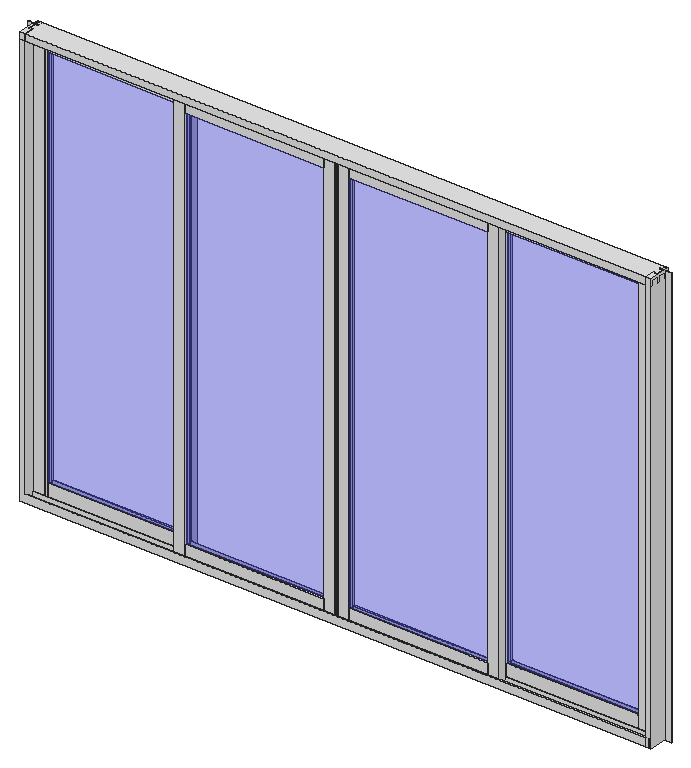
Revit family "Standard-Nail-On-OXXO-Sliding-Door-with-Water-Leg-Sill-and-Standard-Hardware", category Doors, host Wall, Revit 2026
Family settings
  Host = Wall
  Classification Number = 23.30.10.14.11
  Always vertical = Yes
  Cut with Voids When Loaded = No
  Shared = No
  Room Calculation Point = No
Parameters (values of type "4 Panel Sliding Door - OXXO")
  Wall Thickness [instance] = 0' - 6"
  URL = "https://www.allweatheraa.com/"
  Type Comments = "Multi-Panel Sliding Door"  # constant formula
  CD_Width Water Sill Cover = CD_Width Panel - 0' 2 135/256"  # 2' - 10.55176"
  CD_Width Panel = ((CD_Width Opening + (0' 2 39/64" * (CD_Number of Panels - 1))) / CD_Number of Panels) - 0' 0 7/64" - 0' 0 149/256"  # 3' - 1.0791"
  CD_Width Opening = CD_Width - 0' 0 191/256"  # 11' - 11 65/256"
  CD_Width Min Panel = 2' - 8"  # constant formula
  CD_Width Min = (4 * CD_Width Min Panel) + 0' 0 3/4"  # 10' - 8 3/4"
  CD_Width Max Panel = 8' - 0"  # constant formula
  CD_Width Max = (4 * CD_Width Max Panel) + 0' 0 3/4"  # 32' - 0 3/4"
  CD_Width = if(CD_Requested Width > CD_Width Max, CD_Width Max, if(CD_Requested Width < CD_Width Min, CD_Width Min, CD_Requested Width))  # 12' - 0"
  CD_Warranty = "https://www.allweatheraa.com/warranties/"
  CD_Thickness = 0' - 4"  # constant formula
  CD_Specification = "http://allweatheraa.com/specs-cad-bim/"
  CD_Sill Height = 0' - 1 7/8"  # constant formula
  CD_Product Page URL = "https://www.allweatheraa.com/product-series-8150/"
  CD_Product Name = "Series 8150"  # constant formula
  CD_Product Documentation Link = "https://www.allweatheraa.com/architectural-manual/"
  CD_Microsite = "https://microsite.caddetails.com/4461/"
  CD_Jamb Width Right = 0' - 1 1/8"  # constant formula
  CD_Jamb Width Left = 0' - 1 1/8"  # constant formula
  CD_Jamb Extensions Depth [instance] = if(CD_Jamb Extensions Calc > 0' 0 1/8", CD_Jamb Extensions Calc, 0' 0 1/8")  # 0' - 2"
  CD_Jamb Extensions Calc [instance] = Wall Thickness - (CD_Thickness) + CD_Offset - CD_Inset  # 0' - 2"
  CD_Finish Jamb Ext = Wood-By_Others
  Thickness = CD_Thickness  # 0' - 4"
  Rough Width = CD_Width + 0' 1"  # 12' - 1"
  Rough Height = CD_Height + 0' 0 1/2"  # 8' - 0 1/2"
  Operation = "Sliding"
  Model = "OXXO Water Leg Sill"  # constant formula
  Manufacturer = "All Weather Architectural Aluminum"  # constant formula
  Interior Trim = no
  Function = Exterior
  Frame Projection Ext. = 0' - 1"
  Frame Projection Int. = 0' - 1"
  Frame Width = 0' - 3"
  Height = CD_Height  # 8' - 0"
  Wall Closure = By host
  Width = CD_Width  # 12' - 0"
  CD_Height Panel = CD_Height - 0' 0 47/128" - 0' 1 1/16" - 0' 0 51/128"  # 7' - 10 11/64"
  CD_Height Min Panel = 3' - 10"  # constant formula
  CD_Height Max Panel = 12' - 0"  # constant formula
  CD_Height = if(CD_Requested Height > CD_Height Max Panel + 0' 1 1/4", CD_Height Max Panel + 0' 1 1/4", if(CD_Requested Height < CD_Height Min Panel + 0' 1 1/4", CD_Height Min Panel + 0' 1 1/4", CD_Requested Height))  # 8' - 0"
  CD_Head Height = 0' - 1 73/128"  # constant formula
  CD_Finish Interior Trim = Metal-Aluminum-All_Weather-Standard-White
  CD_Finish Exterior Trim = Wood-By_Others
  Exterior Trim = no
  Description = "Thermally Broken Stacking Door"  # constant formula
  Center Panel Location = (CD_Width Panel / 2) - 0' 1 5/16"  # 1' - 5.22705"
  CD_Requested Width = 12' - 0"
  CD_Requested Height = 8' - 0"
  CD_Offset = 0' - 0"
  CD_Number of Panels = 4  # constant formula
  CD_Jamb Extension = no
  CD_Inset = 0' - 0"
  CD_Finish Glass = Glass-All_Weather-OA-Insulated_Glass
  CD_Finish = Metal-Aluminum-All_Weather-Standard-White
  Assembly Code = "B2030110"
  Analytic Construction = "<None>"
Reference planes (in)
  plane 1 "Center (Front/Back)": y = 0
  plane 2 "Center (Left/Right)": x = 0
  plane 3 "Left": x = -72
  plane 4 "Right": x = 72
  plane 5 "Top": z = 96
  plane 6 "Exterior": y = 3
  plane 7 "Interior": y = -3
  plane 8 "Nail Fin": y = 3
  plane 9 "Inset": y = 3
  plane 10 "Front": y = 3
  plane 11 "Back": y = -1
  plane 12 "Bottom of Sill": z = 0
  plane 13 "Right Jamb": x = 70.875
  plane 14 "Left Jamb": x = -70.875
  plane 15 "Bottom of Header": z = 94.42969
  plane 16 "Top of Sill": z = 1.875
  plane 17 "Exterior Doors": y = 2
  plane 18 "Interior Doors": y = 0
  plane 19 "Door Sill Offset": z = 0.77734
Forms (in)
  Extrusion 1, solid, material "Wood-By_Others" <- "CD_Finish Exterior Trim", visible <- "Exterior Trim"
    sketch origin (-90, 3, 0) x (-1, 0, 0) y (0, 0, 1)
      loop
        line (-18, 95.63672) -> (-18, 0) -> (-15, 0) -> (-15, 98.63672) -> (-165, 98.63672) -> (-165, 0) -> (-162, 0) -> (-162, 95.63672) -> (-18, 95.63672)
    from 0 to 1
  Extrusion 2, solid, material "Metal-Aluminum-All_Weather-Standard-White" <- "CD_Finish Interior Trim", visible <- "Interior Trim"
    sketch origin (-90, -3, 0) x (1, 0, 0) y (0, 0, 1)
      loop
        line (18, 0) -> (18, 95.63672) -> (162, 95.63672) -> (162, 0) -> (165, 0) -> (165, 98.63672) -> (15, 98.63672) -> (15, 0) -> (18, 0)
    from 0 to 1
  Sweep 3, solid, material "Metal-Aluminum-All_Weather-Standard-White" <- "CD_Finish", detail levels fine
    path origin (0, -1, 0) x (-1, 0, 0) y (0, 0, 1)
      loop
        line (72, 0) -> (72, 96)
    profile origin (-72, -1, 48) x (1, 0, 0) y (0, 1, 0)
      loop
        line (0, 0) -> (1.12385, 0) -> (1.12385, 2.168) -> (0.77985, 2.168) -> (0.77985, 2.043) -> (0.37385, 2.043) -> (0.37385, 3.946) -> (0.77985, 3.946) -> (0.77985, 3.856) -> (1.12385, 3.856) -> (1.12385, 4.016) -> (0.37385, 4.016) -> (0.37385, 4.884) -> (0.99885, 4.884) -> (0.99885, 4.954) -> (0, 4.954) -> (0, 4.5493) -> (0.07, 4.5493) -> (0.07, 4.884) -> (0.30385, 4.884) -> (0.30385, 4.024) -> (-1.5, 4.024) -> (-1.5, 3.954) -> (0, 3.954) -> (0, 0)
  Extrusion 4, solid, material "Wood-By_Others" <- "CD_Finish Jamb Ext", visible <- "CD_Jamb Extension"
    sketch origin (0, 0, 0) x (1, 0, 0) y (0, 0, 1)
      loop
        line (-72, 0) -> (-71.375, 0) -> (-71.375, 95.375) -> (71.375, 95.375) -> (71.375, 0) -> (72, 0) -> (72, 96) -> (-72, 96) -> (-72, 0)
    from 3 to 1
  Sweep 5, solid, material "Metal-Aluminum-All_Weather-Standard-White" <- "CD_Finish", detail levels fine
    path origin (0, 3, 0) x (-1, 0, 0) y (0, 0, 1)
      loop
        line (-72, 96) -> (72, 96)
    profile origin (0, 3, 96) x (0, 0, 1) y (0, 1, 0)
      loop
        line (0, 0.954) -> (-1.08885, 0.954) -> (-1.08885, 0.705) -> (-0.37385, 0.705) -> (-0.37385, 0.388) -> (-0.65885, 0.388) -> (-0.65885, 0.328) -> (-0.37385, 0.328) -> (-0.37385, 0.016) -> (-1.57, 0.016) -> (-1.57, -0.152) -> (-0.37385, -0.152) -> (-0.37385, -1.84) -> (-1.57, -1.84) -> (-1.57, -2.152) -> (-0.37385, -2.152) -> (-0.37385, -3.84) -> (-1.57, -3.84) -> (-1.57, -4) -> (0, -4) -> (0, 0.954)
  Sweep 6, solid, material "Metal-Aluminum-All_Weather-Standard-White" <- "CD_Finish", detail levels fine
    path origin (0, 3, 0) x (-1, 0, 0) y (0, 0, 1)
      loop
        line (-71.62615, 0) -> (71.62615, 0)
    profile origin (0, 3, 0) x (0, 0, 1) y (0, 1, 0)
      loop
        line (0, -4) -> (1.875, -4) -> (1.875, -3.84) -> (0.50898, -3.84) -> (0.50898, -2.83188) -> (0.46187, -2.152) -> (1.56253, -2.152) -> (1.56253, -1.832) -> (0.43969, -1.832) -> (0.32271, -0.144) -> (1.25003, -0.144) -> (1.25003, 0.016) -> (0.13, 0.016) -> (0.10974, 0.328) -> (0.3148, 0.328)
        arc (0.3148, 0.328) -> (0.4048, 0.358) -> (0.3148, 0.388) r 0.05
        line (0.3148, 0.388) -> (0.10584, 0.388) -> (0.07494, 0.864) -> (0, 0.864) -> (0, -4)
  Extrusion 7, solid, material "Metal-Aluminum-All_Weather-Standard-White" <- "CD_Finish", detail levels coarse+medium
    sketch origin (0, 3, 0) x (-1, 0, 0) y (0, 0, 1)
      loop
        line (-72, 96) -> (-72, 0) -> (72, 0) -> (72, 96) -> (-72, 96)
      loop
        line (70.875, 1.875) -> (70.875, 94.42969) -> (-70.875, 94.42969) -> (-70.875, 1.875) -> (70.875, 1.875)
    from 0 to -4
  Sweep 8, solid, material "Metal-Aluminum-All_Weather-Standard-White" <- "CD_Finish", detail levels fine
    path origin (0, -1, 0) x (1, 0, 0) y (0, 0, 1)
      loop
        line (72, 0) -> (72, 96)
    profile origin (72, -1, 48) x (1, 0, 0) y (0, 1, 0)
      loop
        line (0, 0) -> (0, 3.954) -> (1.5, 3.954) -> (1.5, 4.024) -> (-0.30385, 4.024) -> (-0.30385, 4.884) -> (-0.07, 4.884) -> (-0.07, 4.5493) -> (0, 4.5493) -> (0, 4.954) -> (-0.99885, 4.954) -> (-0.99885, 4.884) -> (-0.37385, 4.884) -> (-0.37385, 4.016) -> (-1.12385, 4.016) -> (-1.12385, 3.856) -> (-0.77985, 3.856) -> (-0.77985, 3.946) -> (-0.37385, 3.946) -> (-0.37385, 2.043) -> (-0.77985, 2.043) -> (-0.77985, 2.168) -> (-1.12385, 2.168) -> (-1.12385, 0) -> (0, 0)
  Extrusion 9, solid, material "Metal-Aluminum-All_Weather-Standard-White" <- "CD_Finish", detail levels fine
    sketch origin (0, 0, 0) x (0, 1, 0) y (0, 0, 1)
      loop
        line (2.856, 1.25003) -> (1.168, 1.56253) -> (1.168, 1.42893) -> (2.856, 1.11643) -> (2.856, 1.25003)
    from -34.55176 to 34.55176
Cuts and joins
  joined: Sweep 3, Sweep 6
Lines and regions (in)
  Opening 1
    outline origin (-90, -3, 0) x (1, 0, 0) y (0, 0, 1)
      loop
        line (18, 0) -> (162, 0) -> (162, 96) -> (18, 96) -> (18, 0)
  Masking region 1, visible <- "CD_Jamb Extension"
    outline origin (0, 0, 0) x (0, 1, 0) y (0, 0, 1)
      loop
        line (-1, 96) -> (-3, 96) -> (-3, 95.375) -> (-1, 95.375) -> (-1, 96)
  Masking region 2, visible <- "CD_Jamb Extension"
    outline origin (0, 0, 0) x (1, 0, 0) y (0, 1, 0)
      loop
        line (71.62615, -3) -> (71.62615, -1) -> (71.375, -1) -> (71.375, -3) -> (71.62615, -3)
      loop
        line (-71.62615, -3) -> (-71.375, -3) -> (-71.375, -1) -> (-71.62615, -1) -> (-71.62615, -3)
Text (in)
  text "Exterior" at (-74.96733, 27.31104, 0), in view "Ref. Level"
  text "Interior" at (-74.96733, -25.14366, 0), in view "Ref. Level"
  text "Exterior" at (0, 40.15149, 123.01588), in view "Right"
  text "Interior" at (0, -64.39139, 123.01588), in view "Right"
  text "Interior" at (0, -31.01599, 123.00693), in view "Left"
  text "Exterior" at (0, 54.57065, 123.00693), in view "Left"
Dimensions and locks (in)
  equal spacing: plane 3 "Left", plane 2 "Center (Left/Right)", plane 4 "Right"
  "Height": level to plane 5 "Top"
  "CD_Width": plane 3 "Left" to plane 4 "Right"
  "Frame Width": Extrusion 2 sketch curve to plane 3 "Left"
  "Frame Width": Extrusion 2 sketch curve to plane 4 "Right"
  "Frame Width": Extrusion 1 sketch curve to Extrusion 1 sketch curve  (x3)
  host wall to plane 5 "Top" = 8' - 0"
  "Frame Projection Int.": Extrusion 2 to host wall
  "Frame Projection Ext.": Extrusion 1 to host wall
  "CD_Offset": plane 8 "Nail Fin" to plane 9 "Inset"
  "CD_Inset": plane 6 "Exterior" to plane 9 "Inset"
  locked: plane 10 "Front" to plane 8 "Nail Fin" at 0
  "Thickness": plane 10 "Front" to plane 11 "Back"
  plane 12 "Bottom of Sill" to level = 0' - 0"
  locked: Extrusion 1 sketch curve to plane 5 "Top" at 0.36328
  locked: Extrusion 2 sketch curve to plane 5 "Top" at 0.36328
  "Frame Width": Extrusion 2 sketch curve to Extrusion 2 sketch curve
  plane 5 "Top" to level = 8' - 0"
  locked: Extrusion 4 sketch curve to Extrusion 2 at 0.625  (x2)
  locked: plane 5 "Top" to Extrusion 4 sketch curve at 0.625
  "Wall Thickness": host wall to host wall
  plane 3 "Left" to plane 4 "Right" = 12' - 0"
  "Thickness": plane 10 "Front" to Extrusion 7
  "CD_Jamb Extensions Depth": Masking region 1 sketch curve to plane 7 "Interior"
  locked: plane 5 "Top" to Masking region 1 sketch curve at 0.625
  locked: plane 3 "Left" to Masking region 2 sketch curve at 0.625
  locked: Masking region 2 sketch curve to plane 4 "Right" at 0.625
  "CD_Jamb Extensions Depth": plane 7 "Interior" to Masking region 2 sketch curve  (x2)
  locked: plane 2 "Center (Left/Right)" to nested 2 at 0.07732
  locked: nested 1 to plane 2 "Center (Left/Right)" at 0.08199
  Sweep 3 sketch curve to Sweep 3 sketch curve to Sweep 3 sketch curve to profile plane to Sweep 3 sketch curve to Sweep 3 sketch curve to Sweep 3 sketch curve to Sweep 3 sketch curve to Sweep 3 sketch curve to Sweep 3 sketch curve to Sweep 3 sketch curve to Sweep 3 sketch curve = 0' - 1 1/2" locked, 0' - 0" locked, 0' - 0" locked, 0' - 0.07" locked, 0' - 0.23385" locked, 0' - 0.07" locked, 0' - 0.406" locked, 0' - 0" locked, 0' - 0.219" locked, 0' - 0 1/8" locked, 0' - 0" locked
  Sweep 3 sketch curve to Sweep 3 sketch curve to Sweep 3 sketch curve to Sweep 3 sketch curve to Sweep 3 sketch curve to Sweep 3 sketch curve to Sweep 3 sketch curve to Sweep 3 sketch curve to Sweep 3 sketch curve to Sweep 3 sketch curve to Sweep 3 sketch curve to profile plane to Sweep 3 sketch curve = 0' - 0.07" locked, 0' - 0" locked, 0' - 0.3347" locked, 0' - 0.5253" locked, 0' - 0.008" locked, 0' - 0.062" locked, 0' - 0.008" locked, 0' - 0.09" locked, 0' - 1.688" locked, 0' - 0 1/8" locked, 0' - 2.043" locked, 0' - 0" locked
  Sweep 8 sketch curve to Sweep 8 sketch curve to Sweep 8 sketch curve to Sweep 8 sketch curve to Sweep 8 sketch curve to Sweep 8 sketch curve to Sweep 8 sketch curve to Sweep 8 sketch curve to Sweep 8 sketch curve to Sweep 8 sketch curve to profile plane to Sweep 8 sketch curve = 0' - 0" locked, 0' - 0 1/8", 0' - 0.219", 0' - 0" locked, 0' - 0.406", 0' - 0.07" locked, 0' - 0.23385" locked, 0' - 0.07", 0' - 0" locked, 0' - 0" locked, 0' - 1 1/2"
  Sweep 8 sketch curve to Sweep 8 sketch curve to Sweep 8 sketch curve to Sweep 8 sketch curve to Sweep 8 sketch curve to Sweep 8 sketch curve to Sweep 8 sketch curve to Sweep 8 sketch curve to Sweep 8 sketch curve to Sweep 8 sketch curve to Sweep 8 sketch curve to profile plane to Sweep 8 sketch curve = 0' - 0.07" locked, 0' - 0" locked, 0' - 0.3347" locked, 0' - 0.5253" locked, 0' - 0.008" locked, 0' - 0.062" locked, 0' - 0.008" locked, 0' - 0.09" locked, 0' - 1.688" locked, 0' - 0 1/8" locked, 0' - 2.043" locked, 0' - 0" locked
  "CD_Jamb Width Right": plane 13 "Right Jamb" to plane 4 "Right"
  "CD_Jamb Width Left": plane 3 "Left" to plane 14 "Left Jamb"
  "CD_Head Height": plane 15 "Bottom of Header" to plane 5 "Top"
  "CD_Sill Height": level to plane 16 "Top of Sill"
  Sweep 5 sketch curve to Sweep 5 sketch curve to Sweep 5 sketch curve to Sweep 5 sketch curve to Sweep 5 sketch curve to profile plane to Sweep 5 sketch curve to Sweep 5 sketch curve to Sweep 5 sketch curve to Sweep 5 sketch curve to Sweep 5 sketch curve = 0' - 0.249" locked, 0' - 0.317" locked, 0' - 0.06" locked, 0' - 0.312" locked, 0' - 0.016" locked, 0' - 0.152" locked, 0' - 1.688" locked, 0' - 0.312" locked, 0' - 1.688" locked, 0' - 0.16" locked
  Sweep 5 sketch curve to Sweep 5 sketch curve to Sweep 5 sketch curve to Sweep 5 sketch curve to Sweep 5 sketch curve to Sweep 5 sketch curve to Sweep 5 sketch curve to Sweep 5 sketch curve to profile plane to Sweep 5 sketch curve = 0' - 0", 0' - 0" locked, 0' - 0.48115" locked, 0' - 0.43" locked, 0' - 0.285" locked, 0' - 0" locked, 0' - 0" locked, 0' - 0.37385" locked, 0' - 0" locked
  locked: plane 10 "Front" to plane 17 "Exterior Doors" at 1
  locked: plane 10 "Front" to plane 18 "Interior Doors" at 3
  locked: plane 3 "Left" to nested 3 at 0.36919
  locked: nested 4 to plane 4 "Right" at 0.37385
  locked: plane 19 "Door Sill Offset" to level at 0.77734
  "CD_Jamb Extensions Depth": plane 11 "Back" to Extrusion 4
  Sweep 6 sketch curve to profile plane to Sweep 6 sketch curve to Sweep 6 sketch curve to Sweep 6 sketch curve to Sweep 6 sketch curve to Sweep 6 sketch curve to Sweep 6 sketch curve to Sweep 6 sketch curve to Sweep 6 sketch curve to Sweep 6 sketch curve to Sweep 6 sketch curve to Sweep 6 sketch curve to Sweep 6 sketch curve = 0' - 0" locked, 0' - 0.07494" locked, 0' - 0.05506" locked, 0' - 0.1848" locked, 0' - 0" locked, 0' - 0.00791" locked, 0' - 0.08209" locked, 0' - 0.03489" locked, 0' - 0.02218" locked, 0' - 0.04712" locked, 0' - 0.74105" locked, 0' - 0 5/16" locked, 0' - 0.31247" locked
  Sweep 6 sketch curve to Sweep 6 sketch curve to Sweep 6 sketch curve to Sweep 6 sketch curve to Sweep 6 sketch curve to profile plane to Sweep 6 sketch curve to Sweep 6 sketch curve to Sweep 6 sketch curve to Sweep 6 sketch curve to Sweep 6 sketch curve = 0' - 0.456" locked, 0' - 0.02" locked, 0' - 0.06" locked, 0' - 0.312" locked, 0' - 0.016" locked, 0' - 0.144" locked, 0' - 1.688" locked, 0' - 0.32" locked, 0' - 1.688" locked, 0' - 0.16" locked
  Extrusion 9 sketch curve to Extrusion 9 sketch curve to Extrusion 9 sketch curve to Extrusion 9 sketch curve to plane 19 "Door Sill Offset" = 0' - 0.1336" locked, 0' - 0.1789" locked, 0' - 0.1336" locked, 0' - 0.33909" locked
  plane 10 "Front" to Extrusion 9 sketch curve to Extrusion 9 sketch curve = 0' - 0.144" locked, 0' - 1.688" locked
  "CD_Width Water Sill Cover": Extrusion 9 to plane 2 "Center (Left/Right)"
  "CD_Width Water Sill Cover": plane 2 "Center (Left/Right)" to Extrusion 9
  locked: Sweep 6 sketch curve to plane 4 "Right" at 0.37385
  locked: plane 3 "Left" to Sweep 6 sketch curve at 0.37385
  aligned and locked: plane 3 "Left" to Opening 1 sketch curve
  aligned and locked: plane 5 "Top" to Opening 1 sketch curve  (x2)
  aligned and locked: Opening 1 sketch curve to plane 4 "Right"
  aligned and locked: Opening 1 sketch curve to level
  aligned and locked: plane 3 "Left" to Extrusion 1 sketch curve
  aligned and locked: Extrusion 1 sketch curve to plane 3 "Left"
  aligned and locked: level to Extrusion 1 sketch curve
  aligned and locked: plane 4 "Right" to Extrusion 1 sketch curve
  aligned and locked: Extrusion 1 to host wall
  aligned and locked: plane 3 "Left" to Extrusion 2 sketch curve
  aligned and locked: plane 4 "Right" to Extrusion 2 sketch curve  (x2)
  aligned and locked: level to Extrusion 2 sketch curve
  aligned and locked: Extrusion 2 sketch curve to level
  aligned and locked: Extrusion 2 to host wall
  aligned and locked: plane 6 "Exterior" to host wall
  aligned and locked: host wall to plane 7 "Interior"
  aligned and locked: plane 3 "Left" to Sweep 3 sketch curve
  aligned and locked: plane 4 "Right" to Sweep 5 sketch curve
  aligned and locked: plane 3 "Left" to Sweep 5 sketch curve
  aligned and locked: Sweep 6 sketch curve to level
  aligned and locked: plane 10 "Front" to Extrusion 7
  aligned and locked: cut or joined group of Sweep 3, Sweep 6 to Masking region 2 sketch curve  (x2)
  aligned and locked: plane 4 "Right" to Sweep 8 sketch curve
  aligned and locked: plane 5 "Top" to Sweep 8 sketch curve
  aligned and locked: level to Sweep 8 sketch curve
  aligned and locked: plane 4 "Right" to Extrusion 7 sketch curve
  aligned and locked: plane 13 "Right Jamb" to Extrusion 7 sketch curve
  aligned and locked: plane 5 "Top" to Extrusion 7 sketch curve
  aligned and locked: plane 15 "Bottom of Header" to Extrusion 7 sketch curve
  aligned and locked: Extrusion 7 sketch curve to plane 3 "Left"
  aligned and locked: Extrusion 7 sketch curve to plane 14 "Left Jamb"
  aligned and locked: level to Extrusion 7 sketch curve
  aligned and locked: plane 16 "Top of Sill" to Extrusion 7 sketch curve
  aligned and locked: nested 3 to plane 17 "Exterior Doors"
  aligned and locked: nested 1 to plane 18 "Interior Doors"
  aligned and locked: plane 17 "Exterior Doors" to nested 4
  aligned and locked: plane 18 "Interior Doors" to nested 2
  aligned and locked: nested 1 to plane 19 "Door Sill Offset"
  aligned and locked: nested 3 to plane 19 "Door Sill Offset"
  aligned and locked: plane 19 "Door Sill Offset" to nested 4
  aligned and locked: plane 19 "Door Sill Offset" to nested 2
  aligned and locked: Extrusion 4 to plane 11 "Back"
Automatic sketch dimensions
  Extrusion 1 sketch curve to level = 0' - 0"
  Extrusion 2 sketch curve to level = 0' - 0"
  Sweep 3 sketch curve to level = 0' - 0"
  Sweep 3 sketch curve to plane 5 "Top" = 0' - 0"
  plane 3 "Left" to Extrusion 4 sketch curve = 0' - 0"
  plane 4 "Right" to Extrusion 4 sketch curve = 0' - 0"
  Extrusion 4 sketch curve to level = 0' - 0"  (x2)
  Extrusion 4 sketch curve to plane 5 "Top" = 0' - 0"
  Sweep 5 sketch curve to plane 5 "Top" = 0' - 0"
  Sweep 8 sketch curve to Sweep 8 sketch curve = 0' - 0"
  Sweep 3 sketch curve to Sweep 3 sketch curve = 0' - 0"
  Sweep 5 sketch curve to Sweep 5 sketch curve = 0' - 0"
  Sweep 6 sketch curve to Sweep 6 sketch curve = 0' - 0.20896"
  Sweep 6 sketch curve to Sweep 6 sketch curve = 0' - 0 1/256"
  Sweep 6 sketch curve to Sweep 6 sketch curve = 0' - 0.67988"
  Masking region 1 sketch curve to host wall = 0' - 0"
  plane 5 "Top" to Masking region 1 sketch curve = 0' - 0"
  host wall to Masking region 2 sketch curve = 0' - 0"  (x2)
Nested families (in)
  nested 1: "Nested-Panel-All_Weather-Series_8150" at (-18.62154, 0.11336, 0.77734), type "Active Left"
    with CD_Arrow Right yes, CD_Arrow Left no, CD_Width 3' - 1.0791", CD_Pull yes, CD_Jamb Width Right 0' - 2 23/32"
  nested 2: "Nested-Panel-All_Weather-Series_8150" at (18.61687, 0.11336, 0.77734) x (-1, 0, 0) z (0, 0, 1), type "Active Right"
    with CD_Arrow Right yes, CD_Arrow Left no, CD_Width 3' - 1.0791", CD_Pull yes, CD_Jamb Width Right 0' - 2 23/32", CD_Internal Door yes
  nested 3: "Nested-Panel-All_Weather-Series_8150" at (-53.09126, 2.11336, 0.77734), type "Fixed"
    with CD_Arrow Right no, CD_Arrow Left no, CD_Width 3' - 1.0791"
  nested 4: "Nested-Panel-All_Weather-Series_8150" at (53.0866, 2.11336, 0.77734) x (-1, 0, 0) z (0, 0, 1), type "Fixed"
    with CD_Arrow Right no, CD_Arrow Left no, CD_Width 3' - 1.0791"
Definition of nested family "Nested-Panel-All_Weather-Series_8150"
  Parameters (values of type "Active Left")
    URL = "http://www.weathershield.com"
    Type Comments = "Panel with Inside Jamb"
    Model = "8150"  # constant formula
    Manufacturer = "All Weather Architectural Aluminum"  # constant formula
    Description = "Stacking Door Panel"  # constant formula
    Default Elevation = 4' - 0"
    CD_Width = 4' - 0.93164"
    CD_Thickness = 0' - 1 1/2"  # constant formula
    CD_Sill Height = 0' - 3 121/256"  # constant formula
    CD_Pull Jamb = yes
    CD_Pull = no
    CD_Jamb = no
    CD_Product Page URL = "https://www.allweatheraa.com/doors/series-8150-sliding-doors/"
    CD_Product Documentation Link = "https://www.allweatheraa.com/architectural-manual/"
    CD_Jamb Width Right = if(CD_Pull, 0' 2 23/32", if(CD_Internal Door, 0' 2 159/256", if(CD_Pull Jamb, 0' 3 51/256", 0' 2 39/64")))  # 0' - 3 51/256"
    CD_Jamb Width Left = if(CD_Jamb, 0' 4 19/256", 0' 2 39/64")  # 0' - 2 39/64"
    CD_Internal Door = no
    CD_Height = 7' - 10 11/64"
    CD_Head Height = 0' - 2 5/8"  # constant formula
    CD_Glass Thickness = 0' - 1"  # constant formula
    CD_Glass Offset = 0' - 0 1/4"  # constant formula
    CD_Glass Inset = 0' - 0 169/256"  # constant formula
    CD_Finish Glass = none
    CD_Finish = none
    CD_Center Panel Right = no
    CD_Center Panel Left = yes
    CD_Arrow Right [instance] = no
    CD_Arrow Left [instance] = no
  Types (2): name | CD_Pull Jamb | CD_Jamb | CD_Jamb Width Right | CD_Jamb Width Left | CD_Center Panel Right | CD_Center Panel Left
    Active Left | yes | no | 0' - 3 51/256" | 0' - 2 39/64" | no | yes
    Fixed | no | yes | 0' - 2 39/64" | 0' - 4 19/256" | yes | no
  Reference planes (in)
    plane 1 "Center (Front/Back)": y = 0.11336
    plane 2 "Bottom": z = 0
    plane 3 "Center (Left/Right)": x = 0
    plane 4 "Front": y = 0.86336
    plane 5 "Back": y = -0.63664
    plane 6 "Left": x = -24.46582
    plane 7 "Right": x = 24.46582
    plane 8 "Top": z = 94.17188
    plane 9 "Glass Front": y = 0.61336
    plane 10 "Glass Back": y = -0.38664
    plane 11 "Glass Top": z = 92.20703
    plane 12 "Glass Bottom": z = 2.8125
    plane 13 "Glass Left": x = -22.5166
    plane 14 "Glass Right": x = 21.92676
    plane 15 "Center (Elevation)": z = 47.50977
    plane 16 "DLO Bottom": z = 3.47266
    plane 17 "DLO Top": z = 91.54688
    plane 18 "DLO Left": x = -21.85645
    plane 19 "DLO Right": x = 21.2666
    plane 20: y = 0.11336
  Forms (in)
    Extrusion 1, solid, material <- "CD_Finish Glass", detail levels coarse
      sketch origin (0, 0, 0) x (1, 0, 0) y (0, 1, 0)
        loop
          line (-21.85645, -0.38664) -> (21.2666, -0.38664) -> (21.2666, 0.61336) -> (-21.85645, 0.61336) -> (-21.85645, -0.38664)
      from 3.47266 to 91.54688
    Sweep 2, solid, material <- "CD_Finish", detail levels medium+fine
      path origin (0, 0.61336, -0.65988) x (-1, 0, 0) y (0, 0, 1)
        loop
          line (-21.2666, 0.65988) -> (21.85645, 0.65988)
      profile origin (-0.29492, 0.61336, 0) x (0, 0, 1) y (0, 1, 0)
        loop
          line (0, 0.2055) -> (0, 0.0495) -> (0.89378, 0.0495) -> (0.89378, -1.05052) -> (0, -1.05052) -> (0, -1.20652) -> (3.47266, -1.20652) -> (3.47266, -1.0615) -> (2.8125, -1.0615) -> (2.8125, 0.0615) -> (3.47266, 0.0615) -> (3.47266, 0.2055) -> (0, 0.2055)
    Sweep 3, solid, material <- "CD_Finish", visible <- "CD_Jamb", detail levels medium+fine
      path origin (0, 0.86336, 0) x (-1, 0, 0) y (0, 0, 1)
        loop
          line (24.46582, 0) -> (24.46582, 94.17188)
      profile origin (-24.46582, 0.86336, 47.08594) x (1, 0, 0) y (0, 1, 0)
        loop
          line (0, 0) -> (0, -0.08) -> (0.23483, -0.08) -> (0.23483, -1.42002) -> (0, -1.42002) -> (0, -1.5) -> (2.60938, -1.5) -> (2.60938, -1.31202) -> (1.94922, -1.31202) -> (1.94922, -0.188) -> (2.60938, -0.188) -> (2.60938, 0) -> (0, 0)
    Sweep 4, solid, material <- "CD_Finish", visible <- "CD_Center Panel Right", detail levels medium+fine
      path origin (0, 0.86336, 0) x (1, 0, 0) y (0, 0, 1)
        loop
          line (24.46582, 0) -> (24.46582, 94.17188)
      profile origin (24.46582, 0.86336, 47.08594) x (1, 0, 0) y (0, 1, 0)
        loop
          line (0, -1.50002) -> (0, -0.00007) -> (-2.28521, -0.00007) -> (-2.28521, 0.40071) -> (-2.98159, 0.40071) -> (-3.07902, 0.3746) -> (-3.07902, 0.27635) -> (-2.38519, 0.27635) -> (-2.38519, 0) -> (-3.19922, 0) -> (-3.19922, -0.188) -> (-2.53906, -0.188) -> (-2.53906, -1.31202) -> (-3.19922, -1.31202) -> (-3.19922, -1.50002) -> (0, -1.50002)
    Sweep 5, solid, material <- "CD_Finish", detail levels medium+fine
      path origin (0, 0.86336, 0) x (-1, 0, 0) y (0, 0, 1)
        loop
          line (21.85645, 94.17188) -> (-21.2666, 94.17188)
      profile origin (-0.29492, 0.86336, 94.17188) x (0, 0, -1) y (0, 1, 0)
        loop
          line (2.625, -0.04395) -> (0, -0.04395) -> (0, -0.12201) -> (0.09375, -0.12201) -> (0.09375, -1.37792) -> (0, -1.37792) -> (0, -1.45597) -> (2.625, -1.45597) -> (2.625, -1.31197) -> (1.96484, -1.31197) -> (1.96484, -0.18788) -> (2.625, -0.18788) -> (2.625, -0.04395)
    Extrusion 6, solid, material <- "CD_Finish", visible <- "CD_Center Panel Left", detail levels medium+fine
      sketch origin (0, 0, 0) x (1, 0, 0) y (0, 1, 0)
        loop
          line (-24.46582, 0.86336) -> (-24.46582, -1.03737) -> (-23.76944, -1.03737) -> (-23.67201, -1.01127) -> (-23.67201, -0.91302) -> (-24.36584, -0.91302) -> (-24.36584, -0.63667) -> (-21.85645, -0.63667) -> (-21.85645, -0.44867) -> (-22.5166, -0.44867) -> (-22.5166, 0.67536) -> (-21.85645, 0.67536) -> (-21.85645, 0.86336) -> (-24.46582, 0.86336)
      from 0 to 94.17188
    Extrusion 7, solid, material <- "CD_Finish", detail levels coarse
      sketch origin (0, 0.61336, 0) x (-1, 0, 0) y (0, 0, 1)
        loop
          line (24.46582, 93.66406) -> (-24.46582, 93.66406) -> (-24.46582, 1.09766) -> (24.46582, 1.09766) -> (24.46582, 93.66406)
        loop
          line (-21.2666, 3.47266) -> (21.85645, 3.47266) -> (21.85645, 91.54688) -> (-21.2666, 91.54688) -> (-21.2666, 3.47266)
      from -1.25 to 0.25
    Sweep 8, solid, material <- "CD_Finish", visible <- "CD_Pull Jamb", detail levels medium+fine
      path origin (0, 0.86328, 0) x (1, 0, 0) y (0, 0, 1)
        loop
          line (24.46582, 0) -> (24.46582, 94.17188)
      profile origin (24.46582, 0.86328, 47.08594) x (1, 0, 0) y (0, 1, 0)
        loop
          line (0, -1.5) -> (0, -1.42) -> (-0.23483, -1.42) -> (-0.23483, -0.07998) -> (0, -0.07998) -> (0, 0) -> (-3.19922, 0) -> (-3.19922, -0.18798) -> (-2.53906, -0.18798) -> (-2.53906, -1.312) -> (-3.19922, -1.312) -> (-3.19922, -1.5) -> (0, -1.5)
    Sweep 9, solid, material <- "CD_Finish", visible <- "CD_Internal Door", detail levels medium+fine
      path origin (14, 0.86328, 0) x (1, 0, 0) y (0, 0, -1)
        loop
          line (10.46582, 0) -> (10.46582, -94.17188)
      profile origin (24.46582, 0.86328, 47.08594) x (1, 0, 0) y (0, 1, 0)
        loop
          line (0.39414, -0.24462) -> (0, -0.24462) -> (0, -0.07998) -> (-0.23483, -0.07998) -> (-0.23483, -1.42) -> (0, -1.42) -> (0, -1.25523) -> (0.39414, -1.25523) -> (0.39414, -0.24462)
    Extrusion 10, solid, material <- "CD_Finish Glass", detail levels medium+fine
      sketch origin (0, 0, 0) x (1, 0, 0) y (0, 1, 0)
        loop
          line (-22.5166, 0.43452) -> (21.92676, 0.43452) -> (21.92676, 0.61336) -> (-22.5166, 0.61336) -> (-22.5166, 0.43452)
        loop
          line (21.92676, -0.2078) -> (-22.5166, -0.2078) -> (-22.5166, -0.38664) -> (21.92676, -0.38664) -> (21.92676, -0.2078)
      from 2.8125 to 92.20703
  Lines and regions (in)
    Masking region 1, detail levels medium+fine
      outline origin (0, 0, 0) x (1, 0, 0) y (0, 1, 0)
        loop
          line (-22.5166, 0.61336) -> (-22.5166, 0.43452) -> (21.92676, 0.43452) -> (21.92676, 0.61336) -> (-22.5166, 0.61336)
        loop
          line (-22.5166, -0.2078) -> (-22.5166, -0.38664) -> (21.92676, -0.38664) -> (21.92676, -0.2078) -> (-22.5166, -0.2078)
    Masking region 2, detail levels medium+fine
      outline origin (0, 0, 94.17187) x (0, 1, 0) y (-1, 0, 0)
        loop
          line (0.61336, -21.92676) -> (0.61336, -21.2666) -> (0.81886, -21.2666) -> (0.81886, 21.85645) -> (0.61336, 21.85645) -> (0.61336, 22.5166) -> (-0.38664, 22.5166) -> (-0.38664, 21.85645) -> (-0.59317, 21.85645) -> (-0.59317, -21.2666) -> (-0.38664, -21.2666) -> (-0.38664, -21.92676) -> (0.61336, -21.92676)
    Masking region 3, detail levels coarse
      outline origin (0, 0, 0) x (1, 0, 0) y (0, 1, 0)
        loop
          line (-21.85645, 0.61336) -> (-21.85645, -0.38664) -> (21.2666, -0.38664) -> (21.2666, 0.61336) -> (-21.85645, 0.61336)
    Masking region 4, detail levels coarse
      outline origin (0, 0, 0) x (1, 0, 0) y (0, 1, 0)
        loop
          line (-24.46582, 0.86336) -> (-24.46582, -0.63664) -> (-21.85645, -0.63664) -> (-21.85645, 0.86336) -> (-24.46582, 0.86336)
        loop
          line (24.46582, 0.86336) -> (21.2666, 0.86336) -> (21.2666, -0.63664) -> (24.46582, -0.63664) -> (24.46582, 0.86336)
    symbolic lines, visible <- "CD_Arrow Left"
      curve 1: line (-20.09863, 0.61336, 44.50977) -> (-20.09863, 0.61336, 50.50977)
      curve 2: line (-20.09863, 0.61336, 44.50977) -> (-17.09863, 0.61336, 47.50977)
      curve 3: line (-17.09863, 0.61336, 47.50977) -> (-20.09863, 0.61336, 50.50977)
    symbolic lines, visible <- "CD_Arrow Right"
      curve 4: line (20.09863, 0.61336, 44.50977) -> (20.09863, 0.61336, 50.50977)
      curve 5: line (20.09863, 0.61336, 44.50977) -> (17.09863, 0.61336, 47.50977)
      curve 6: line (17.09863, 0.61336, 47.50977) -> (20.09863, 0.61336, 50.50977)
  Dimensions and locks (in)
    equal spacing: plane 6 "Left", plane 3 "Center (Left/Right)", plane 7 "Right"
    "CD_Width": plane 6 "Left" to plane 7 "Right"
    equal spacing: plane 4 "Front", plane 1 "Center (Front/Back)", plane 5 "Back"
    "CD_Thickness": plane 4 "Front" to plane 5 "Back"
    locked: plane 10 "Glass Back" to Masking region 1 sketch curve at 0.17884
    locked: plane 9 "Glass Front" to Masking region 1 sketch curve at 0.17884
    equal spacing: plane 11 "Glass Top", plane 15 "Center (Elevation)", plane 12 "Glass Bottom"
    "CD_Glass Inset": plane 16 "DLO Bottom" to plane 12 "Glass Bottom"
    "CD_Glass Inset": plane 11 "Glass Top" to plane 17 "DLO Top"
    "CD_Jamb Width Left": plane 6 "Left" to plane 18 "DLO Left"
    "CD_Jamb Width Right": plane 19 "DLO Right" to plane 7 "Right"
    equal spacing: plane 10 "Glass Back", plane 20, plane 9 "Glass Front"
    curve 3 to curve 3 to plane 15 "Center (Elevation)" to curve 2 = 0' - 3" locked, 0' - 0" locked, 0' - 3" locked
    plane 6 "Left" to curve 1 to curve 3 = 0' - 4 47/128" locked, 0' - 3" locked
    "CD_Height": plane 8 "Top" to plane 2 "Bottom"
    "CD_Glass Offset": Extrusion 7 to plane 10 "Glass Back"
    Extrusion 6 to plane 17 "DLO Top" = 0' - 2 5/8"
    curve 6 to curve 6 to plane 15 "Center (Elevation)" to curve 5 = 0' - 3" locked, 0' - 0" locked, 0' - 3" locked
    plane 7 "Right" to curve 4 to curve 6 = 0' - 4 47/128" locked, 0' - 3" locked
    "CD_Glass Inset": plane 13 "Glass Left" to plane 18 "DLO Left"
    "CD_Glass Inset": plane 19 "DLO Right" to plane 14 "Glass Right"
    locked: profile plane to Sweep 3 sketch curve at 0.23483
    profile plane to Sweep 3 sketch curve to Sweep 3 sketch curve to Sweep 3 sketch curve to Sweep 3 sketch curve to Sweep 3 sketch curve to Sweep 3 sketch curve = 0' - 0" locked, 0' - 0.08" locked, 0' - 0.108" locked, 0' - 1.12402" locked, 0' - 0.108" locked, 0' - 0.07998" locked
    plane 6 "Left" to Extrusion 6 sketch curve to Extrusion 6 sketch curve to Extrusion 6 sketch curve = 0' - 0.09998" locked, 0' - 0.5964" locked, 0' - 0.09743" locked
    Extrusion 6 sketch curve to plane 4 "Front" to Extrusion 6 sketch curve to Extrusion 6 sketch curve to Extrusion 6 sketch curve to Extrusion 6 sketch curve to Extrusion 6 sketch curve to Extrusion 6 sketch curve = 0' - 0" locked, 0' - 0.188" locked, 0' - 1.12402" locked, 0' - 0.188" locked, 0' - 0.27635" locked, 0' - 0.09825" locked, 0' - 0.02611" locked
    plane 19 "DLO Right" to Sweep 4 sketch curve to Sweep 4 sketch curve to Sweep 4 sketch curve to Sweep 4 sketch curve = 0' - 0.1202" locked, 0' - 0.09743" locked, 0' - 0.5964" locked, 0' - 0.09998" locked
    Sweep 4 sketch curve to Sweep 4 sketch curve to Sweep 4 sketch curve to profile plane to Sweep 4 sketch curve to Sweep 4 sketch curve to Sweep 4 sketch curve to Sweep 4 sketch curve to Sweep 4 sketch curve = 0' - 0.02611" locked, 0' - 0.09825" locked, 0' - 0.27635" locked, 0' - 0" locked, 0' - 0.00007" locked, 0' - 0.18793" locked, 0' - 1.12402" locked, 0' - 0.188" locked
    Sweep 8 sketch curve to Sweep 8 sketch curve to Sweep 8 sketch curve to Sweep 8 sketch curve to profile plane = 0' - 0.188" locked, 0' - 1.12402" locked, 0' - 0.18798" locked, 0' - 0" locked
    Extrusion 7 to Extrusion 7 = 0' - 1 1/2"
    "CD_Head Height": plane 8 "Top" to plane 17 "DLO Top"
    "CD_Sill Height": plane 16 "DLO Bottom" to level
    locked: Sweep 5 sketch curve to profile plane at 0.09375
    profile plane to Sweep 5 sketch curve to Sweep 5 sketch curve to Sweep 5 sketch curve = 0' - 0.04395" locked, 0' - 0.07806" locked, 0' - 0.06587" locked
    Sweep 5 sketch curve to Sweep 5 sketch curve to Sweep 5 sketch curve to plane 5 "Back" = 0' - 0.06594" locked, 0' - 0.07806" locked, 0' - 0.04403" locked
    plane 4 "Front" to Sweep 2 sketch curve to Sweep 2 sketch curve to Sweep 2 sketch curve = 0' - 0.0445" locked, 0' - 0.144" locked, 0' - 0.012" locked
    Sweep 2 sketch curve to Sweep 2 sketch curve to Sweep 2 sketch curve to plane 5 "Back" = 0' - 0.01098" locked, 0' - 0.14502" locked, 0' - 0.04348" locked
    "CD_Glass Offset": plane 4 "Front" to plane 9 "Glass Front"
    "CD_Glass Thickness": plane 9 "Glass Front" to plane 10 "Glass Back"
    Sweep 9 sketch curve to Sweep 9 sketch curve to profile plane to Sweep 9 sketch curve = 0' - 0.23483" locked, 0' - 0" locked, 0' - 0.39414" locked
    profile plane to Sweep 9 sketch curve to Sweep 9 sketch curve to Sweep 9 sketch curve to Sweep 9 sketch curve = 0' - 0.07998" locked, 0' - 0.16465" locked, 0' - 1.01061" locked, 0' - 0.16477" locked
    locked: Masking region 2 sketch curve to plane 5 "Back" at 0.04348
    locked: plane 4 "Front" to Masking region 2 sketch curve at 0.0445
    locked: Extrusion 7 sketch curve to plane 8 "Top" at 0.50781
    locked: Extrusion 10 sketch curve to plane 10 "Glass Back" at 0.17884
    locked: plane 9 "Glass Front" to Extrusion 10 sketch curve at 0.17884
    locked: Extrusion 7 sketch curve to level at 1.09766
    aligned and locked: plane 2 "Bottom" to level
    aligned and locked: plane 9 "Glass Front" to Extrusion 1 sketch curve
    aligned and locked: Extrusion 1 sketch curve to plane 10 "Glass Back"
    aligned and locked: Masking region 1 sketch curve to plane 9 "Glass Front"
    aligned and locked: plane 14 "Glass Right" to Masking region 1 sketch curve  (x2)
    aligned and locked: plane 10 "Glass Back" to Masking region 1 sketch curve
    aligned and locked: Masking region 1 sketch curve to plane 13 "Glass Left"  (x2)
    aligned and locked: Sweep 3 sketch curve to plane 6 "Left"
    aligned and locked: Sweep 5 sketch curve to plane 8 "Top"
    aligned and locked: plane 18 "DLO Left" to Sweep 5 sketch curve
    aligned and locked: plane 19 "DLO Right" to Sweep 5 sketch curve
    aligned and locked: plane 18 "DLO Left" to Sweep 2 sketch curve
    aligned and locked: plane 19 "DLO Right" to Sweep 2 sketch curve
    aligned and locked: plane 7 "Right" to Extrusion 7 sketch curve
    aligned and locked: Extrusion 7 sketch curve to plane 6 "Left"
    aligned and locked: plane 4 "Front" to Extrusion 7
    aligned and locked: Extrusion 7 sketch curve to plane 17 "DLO Top"
    aligned and locked: plane 13 "Glass Left" to Sweep 3 sketch curve
    aligned and locked: plane 18 "DLO Left" to Sweep 3 sketch curve  (x2)
    aligned and locked: Sweep 3 sketch curve to profile plane  (x2)
    aligned and locked: Extrusion 6 sketch curve to plane 18 "DLO Left"  (x2)
    aligned and locked: Extrusion 6 sketch curve to plane 13 "Glass Left"
    aligned and locked: plane 6 "Left" to Extrusion 6 sketch curve
    aligned and locked: Sweep 4 sketch curve to profile plane
    aligned and locked: plane 14 "Glass Right" to Sweep 4 sketch curve
    aligned and locked: plane 19 "DLO Right" to Sweep 4 sketch curve  (x2)
    aligned and locked: profile plane to Sweep 8 sketch curve  (x2)
    aligned and locked: Sweep 8 sketch curve to plane 14 "Glass Right"
    aligned and locked: Sweep 8 sketch curve to plane 19 "DLO Right"  (x2)
    aligned and locked: Sweep 5 sketch curve to plane 11 "Glass Top"
    aligned and locked: plane 17 "DLO Top" to Sweep 5 sketch curve
    aligned and locked: Sweep 5 sketch curve to plane 17 "DLO Top"
    aligned and locked: plane 12 "Glass Bottom" to Sweep 2 sketch curve
    aligned and locked: Sweep 2 sketch curve to plane 16 "DLO Bottom"
    aligned and locked: plane 16 "DLO Bottom" to Sweep 2 sketch curve
    aligned and locked: Sweep 2 sketch curve to plane 2 "Bottom"
    aligned and locked: plane 2 "Bottom" to Sweep 2 sketch curve
    aligned and locked: level to Sweep 2 sketch curve
    aligned and locked: plane 8 "Top" to Sweep 3 sketch curve
    aligned and locked: level to Sweep 3 sketch curve
    aligned and locked: level to Sweep 4 sketch curve
    aligned and locked: plane 8 "Top" to Sweep 4 sketch curve
    aligned and locked: plane 8 "Top" to Sweep 8 sketch curve
    aligned and locked: level to Sweep 8 sketch curve
    aligned and locked: Sweep 9 sketch curve to plane 7 "Right"
    aligned and locked: level to Sweep 9 sketch curve
    aligned and locked: plane 8 "Top" to Sweep 9 sketch curve
    aligned and locked: plane 8 "Top" to Extrusion 6
    aligned and locked: Extrusion 6 to level
    aligned and locked: plane 14 "Glass Right" to Masking region 2 sketch curve
    aligned and locked: plane 10 "Glass Back" to Masking region 2 sketch curve  (x2)
    aligned and locked: Masking region 2 sketch curve to plane 9 "Glass Front"  (x2)
    aligned and locked: Masking region 2 sketch curve to plane 18 "DLO Left"  (x2)
    aligned and locked: Masking region 2 sketch curve to plane 13 "Glass Left"
    aligned and locked: plane 19 "DLO Right" to Masking region 2 sketch curve  (x2)
    aligned and locked: plane 18 "DLO Left" to Extrusion 1 sketch curve
    aligned and locked: Extrusion 1 sketch curve to plane 19 "DLO Right"
    aligned and locked: plane 13 "Glass Left" to Extrusion 10 sketch curve  (x2)
    aligned and locked: Extrusion 10 sketch curve to plane 14 "Glass Right"  (x2)
    aligned and locked: plane 9 "Glass Front" to Extrusion 10 sketch curve
    aligned and locked: Extrusion 10 sketch curve to plane 10 "Glass Back"
    aligned and locked: Extrusion 10 to plane 12 "Glass Bottom"
    aligned and locked: plane 11 "Glass Top" to Extrusion 10
    aligned and locked: plane 17 "DLO Top" to Extrusion 1
    aligned and locked: Extrusion 1 to plane 16 "DLO Bottom"
    aligned and locked: plane 16 "DLO Bottom" to Extrusion 7 sketch curve
    aligned and locked: Extrusion 7 sketch curve to plane 18 "DLO Left"
    aligned and locked: plane 19 "DLO Right" to Extrusion 7 sketch curve
    aligned and locked: Masking region 3 sketch curve to Extrusion 1  (x4)
    aligned and locked: Masking region 4 sketch curve to Extrusion 7  (x7)
    aligned and locked: Extrusion 7 to Masking region 4 sketch curve
  Automatic sketch dimensions
    Sweep 2 sketch curve to profile plane = 0' - 0.89378"
    plane 7 "Right" to Sweep 4 sketch curve = 0' - 0"
    Sweep 5 sketch curve to profile plane = 0' - 0"  (x2)
    plane 7 "Right" to Sweep 8 sketch curve = 0' - 0"
    Sweep 8 sketch curve to Sweep 8 sketch curve = 0' - 0.23483"
    Sweep 8 sketch curve to Sweep 8 sketch curve = 0' - 0.08"
    Sweep 8 sketch curve to profile plane = 0' - 0.07998"
    Sweep 9 sketch curve to profile plane = 0' - 0"
